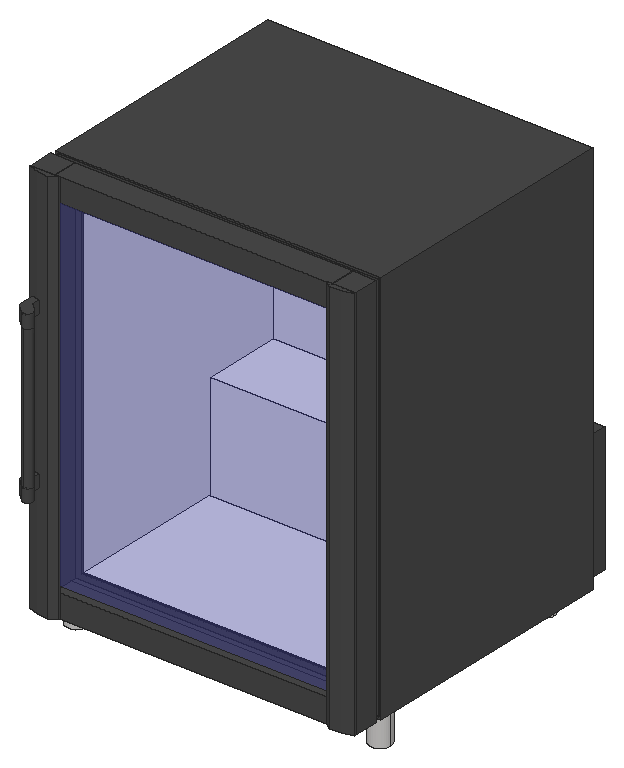
Revit family "QF_Turbo Air_TGF-5SD", category Specialty Equipment, Revit 2012
Parameters (values of type "Black")
  Width = 2' - 1"  # constant formula
  Weight in Pounds = 195  # constant formula
  Watermarked By = "http://revitwatermark.com"
  Volts = 115 V
  URL Cutsheet = ""
  URL = "www.turboairinc.com"
  Status [instance] = ""
  Specification by User [instance] = ""
  Specification by Manufacturer [instance] = ""
  Serial Number [instance] = ""
  Revision Code [instance] = ""
  Phase = 1
  Number of Poles [instance] = 1
  NAFEM Spec ID Number [instance] = ""
  Model = "TGF-5SDB"
  Masterspec [instance] = ""
  Manufacturer = "Turbo Air"  # constant formula
  Item Number [instance] = "-"
  Installed By [instance] = ""
  Height = 2' - 8 3/4"  # constant formula
  HP = "1/3"
  Furnished By [instance] = ""
  Foodservice Equipment Identifier = yes
  FL Amps = 5.5 A
  Electrical Remarks [instance] = ""
  Electric Connection Type [instance] = ""
  Elec Conn RI Height [instance] = 0' - 0"
  Elec Conn Connection Height = 0' - 2 11/16"
  Door Material = QF_Finishes_Black
  Description = "Freezer Merchandiser"
  Depth = 1' - 10 13/16"  # constant formula
  Cycle = 60 Hz
  Conn Plug = "NEMA 5-15P"
  CSI MasterFormat = "11 41 13"
  Body Material = QF_Finishes_Black
  Assembly Code = "E1090320"
  Apparent Power = if(Phase = 3, Volts * FL Amps * 1.73, Volts * FL Amps)  # 632.5 VA
Types (4): name | Model | Door Material | Body Material
  (no name) | "TGF-5SDB" | QF_Finishes_Black | QF_Finishes_Black
  Black | "TGF-5SDB" | QF_Finishes_Black | QF_Finishes_Black
  White | "TGF-5SDW" | QF_Finishes_White | QF_Finishes_White
  White - Wine | "TGF-5SDV" | QF_Finishes_Anodized - Red | QF_Finishes_White
Reference planes (in)
  plane 1 "BACK": y = -1.9375
  plane 2: z = 0
  plane 3 "LEFT": x = -20.72594
  plane 4 "RIGHT": x = 4.27406
  plane 5 "FRONT": y = -29.375
  plane 6 "Back of Box": y = -4.3125
  plane 7 "Front of Door": y = -27.125
  plane 8 "TOP": z = 32.75
  plane 9 "Bottom": z = 2.25
  plane 10 "Top of Back": z = 12.0625
  plane 11 "Front of Box": y = -24.75
Forms (in)
  Extrusion 1, solid, material "QF_Finishes_Black" <- "Body Material"
    sketch origin (0, -4.3125, 0) x (1, 0, 0) y (0, 0, 1)
      loop
        line (-20.72594, 2.25) -> (4.27406, 2.25) -> (4.27406, 32.75) -> (-20.72594, 32.75) -> (-20.72594, 2.25)
      loop
        line (-20.60094, 32.625) -> (-20.60094, 2.375) -> (4.14906, 2.375) -> (4.14906, 32.625) -> (-20.60094, 32.625)
    from 0 to 20.4375
  Extrusion 2, solid, material "QF_Finishes_Black" <- "Body Material"
    sketch origin (0, -4.3125, 0) x (1, 0, 0) y (0, 0, 1)
      loop
        line (-20.60094, 32.625) -> (-20.60094, 2.375) -> (4.14906, 2.375) -> (4.14906, 32.625) -> (-20.60094, 32.625)
    from 0 to 0.125
  Extrusion 3, solid, material "QF_Finishes_Black" <- "Body Material"
    sketch origin (0, -24.75, 0) x (1, 0, 0) y (0, 0, 1)
      loop
        line (-18.72594, 30.75) -> (-18.72594, 4.25) -> (2.27406, 4.25) -> (2.27406, 30.75) -> (-18.72594, 30.75)
      loop
        line (-20.60094, 32.625) -> (-20.60094, 2.375) -> (4.14906, 2.375) -> (4.14906, 32.625) -> (-20.60094, 32.625)
    from 0 to -0.125
  Extrusion 4, solid, material "QF_Finishes_White"
    sketch origin (-20.72594, 0, 0) x (0, 1, 0) y (0, 0, 1)
      loop
        line (-24.625, 2.375) -> (-10.5625, 2.375) -> (-10.5625, 10.5) -> (-4.4375, 10.5) -> (-4.4375, 32.625) -> (-24.625, 32.625) -> (-24.625, 30.75) -> (-6.3125, 30.75) -> (-6.3125, 12.375) -> (-12.4375, 12.375) -> (-12.4375, 4.25) -> (-24.625, 4.25) -> (-24.625, 2.375)
    from 0.125 to 24.875
  Extrusion 5, solid, material "QF_Finishes_White"
    sketch origin (-20.72594, 0, 0) x (0, 1, 0) y (0, 0, 1)
      loop
        line (-24.625, 4.25) -> (-12.4375, 4.25) -> (-12.4375, 12.375) -> (-6.3125, 12.375) -> (-6.3125, 30.75) -> (-24.625, 30.75) -> (-24.625, 4.25)
    from 0.125 to 2
  Extrusion 6, solid, material "QF_Finishes_White"
    sketch origin (4.27406, 0, 0) x (0, 1, 0) y (0, 0, 1)
      loop
        line (-24.625, 4.25) -> (-12.4375, 4.25) -> (-12.4375, 12.375) -> (-6.3125, 12.375) -> (-6.3125, 30.75) -> (-24.625, 30.75) -> (-24.625, 4.25)
    from -0.125 to -2
  Extrusion 7, solid, material "QF_Finishes_Black" <- "Body Material"
    sketch origin (0, 0, 2.25) x (0, 1, 0) y (-1, 0, 0)
      loop
        line (-1.9375, 19.72594) -> (-4.3125, 19.72594) -> (-4.3125, -3.27406) -> (-1.9375, -3.27406) -> (-1.9375, 19.72594)
    from 0 to 9.8125
  Extrusion 8, solid, material "QF_Finishes_Black"
    sketch origin (0, -24.75, 0) x (1, 0, 0) y (0, 0, 1)
      loop
        line (-19.41344, 31.4375) -> (-19.41344, 3.5625) -> (2.96156, 3.5625) -> (2.96156, 31.4375) -> (-19.41344, 31.4375)
      loop
        line (-19.53844, 31.5625) -> (-19.53844, 3.4375) -> (3.08656, 3.4375) -> (3.08656, 31.5625) -> (-19.53844, 31.5625)
    from 0 to 0.4375
  Extrusion 9, solid, material "QF_Finishes_Stainless Steel"
    sketch origin (0, 0, 0) x (1, 0, 0) y (0, 1, 0)
      loop
        circle (-19.91344, -23.75) r 0.8125
      loop
        circle (3.46156, -23.75) r 0.8125
      loop
        circle (-17.60094, -5.125) r 0.8125
      loop
        circle (1.14906, -5.125) r 0.8125
    from 0 to 2.25
  Extrusion 10, solid, material "QF_Finishes_Black" <- "Body Material"
    sketch origin (0, -1.9375, 0) x (1, 0, 0) y (0, 0, 1)
      loop
        circle (1.27406, 2.6875) r 0.25
    from 0 to -0.0625
Lines and regions (in)
  symbolic lines
    curve 1: line (-20.72594, -4.3125, 0) -> (4.27406, -4.3125, 0)
    curve 2: line (-20.72594, -24.75, 0) -> (-20.72594, -4.3125, 0)
    curve 3: line (4.27406, -24.75, 0) -> (-20.72594, -24.75, 0)
    curve 4: line (4.27406, -4.3125, 0) -> (4.27406, -24.75, 0)
    curve 5: line (-19.72594, -4.3125, 0) -> (-19.72594, -1.9375, 0)
    curve 6: line (-19.72594, -1.9375, 0) -> (3.27406, -1.9375, 0)
    curve 7: line (3.27406, -1.9375, 0) -> (3.27406, -4.3125, 0)
    curve 8: line (-19.53844, -24.75, 0) -> (-19.53844, -25.1875, 0)
    curve 9: line (3.08656, -25.1875, 0) -> (3.08656, -24.75, 0)
  symbolic lines, style "QF_Clearances", detail levels coarse
    curve 10: line (4.27406, -52.125, 0) -> (4.27406, -27.125, 0)
    curve 11: arc (-20.72594, -27.125, 0) -> (-13.40361, -44.80267, 0) -> (4.27406, -52.125, 0) r 25
Dimensions and locks (in)
  "Width": plane 4 "RIGHT" to plane 3 "LEFT"
  locked: plane 6 "Back of Box" to plane 1 "BACK" at 2.375
  "Depth": plane 7 "Front of Door" to plane 6 "Back of Box"
  locked: plane 5 "FRONT" to plane 7 "Front of Door" at 2.25
  locked: plane 9 "Bottom" to level at 2.25
  "Height": plane 8 "TOP" to level
  locked: plane 10 "Top of Back" to plane 9 "Bottom" at 9.8125
  locked: plane 7 "Front of Door" to plane 11 "Front of Box" at 2.375
  locked: plane 8 "TOP" to Extrusion 1 sketch curve at 0.125
  locked: Extrusion 1 sketch curve to plane 3 "LEFT" at 0.125
  locked: Extrusion 1 sketch curve to plane 9 "Bottom" at 0.125
  locked: Extrusion 1 sketch curve to plane 4 "RIGHT" at 0.125
  locked: Extrusion 3 sketch curve to plane 3 "LEFT" at 2
  locked: plane 8 "TOP" to Extrusion 3 sketch curve at 2
  locked: Extrusion 3 sketch curve to plane 4 "RIGHT" at 2
  locked: Extrusion 3 sketch curve to plane 9 "Bottom" at 2
  locked: plane 11 "Front of Box" to Extrusion 4 sketch curve at 0.125  (x2)
  locked: Extrusion 4 sketch curve to plane 6 "Back of Box" at 0.125
  locked: Extrusion 4 sketch curve to plane 8 "TOP" at 0.125
  locked: plane 9 "Bottom" to Extrusion 4 sketch curve at 0.125
  locked: Extrusion 4 sketch curve to Extrusion 4 sketch curve at 1.875  (x5)
  locked: Extrusion 4 sketch curve to plane 9 "Bottom" at 8.25
  locked: Extrusion 4 sketch curve to plane 6 "Back of Box" at 6.25
  locked: plane 11 "Front of Box" to Extrusion 5 sketch curve at 0.125
  locked: plane 8 "TOP" to Extrusion 5 sketch curve at 2
  locked: Extrusion 5 sketch curve to plane 6 "Back of Box" at 2
  locked: plane 9 "Bottom" to Extrusion 5 sketch curve at 10.125
  locked: Extrusion 5 sketch curve to plane 6 "Back of Box" at 8.125
  locked: plane 9 "Bottom" to Extrusion 5 sketch curve at 2
  locked: plane 8 "TOP" to Extrusion 6 sketch curve at 2
  locked: plane 9 "Bottom" to Extrusion 6 sketch curve at 2
  locked: Extrusion 6 sketch curve to plane 6 "Back of Box" at 8.125
  locked: plane 9 "Bottom" to Extrusion 6 sketch curve at 10.125
  locked: Extrusion 6 sketch curve to plane 6 "Back of Box" at 2
  locked: plane 11 "Front of Box" to Extrusion 6 sketch curve at 0.125
  locked: plane 3 "LEFT" to Extrusion 7 sketch curve at 1
  locked: Extrusion 7 sketch curve to plane 4 "RIGHT" at 1
  locked: Extrusion 8 sketch curve to Extrusion 8 sketch curve at 0.125  (x4)
  locked: Extrusion 8 sketch curve to plane 9 "Bottom" at 1.1875
  locked: Extrusion 8 sketch curve to plane 3 "LEFT" at 1.1875
  locked: plane 8 "TOP" to Extrusion 8 sketch curve at 1.1875
  locked: Extrusion 8 sketch curve to plane 4 "RIGHT" at 1.1875
  locked: Extrusion 10 sketch curve to plane 9 "Bottom" at 0.4375
  locked: plane 4 "RIGHT" to Extrusion 10 sketch curve at 3
  aligned and locked: level to plane 2
  aligned and locked: plane 9 "Bottom" to Extrusion 1 sketch curve
  aligned and locked: Extrusion 1 sketch curve to plane 4 "RIGHT"
  aligned and locked: plane 3 "LEFT" to Extrusion 1 sketch curve
  aligned and locked: Extrusion 1 sketch curve to plane 8 "TOP"
  aligned and locked: plane 11 "Front of Box" to Extrusion 1
  aligned and locked: Extrusion 2 sketch curve to Extrusion 1  (x4)
  aligned and locked: Extrusion 3 sketch curve to Extrusion 1  (x4)
  aligned and locked: Extrusion 4 to Extrusion 1  (x2)
  aligned and locked: Extrusion 5 to Extrusion 1
  aligned and locked: Extrusion 1 to Extrusion 6
  aligned and locked: Extrusion 7 sketch curve to plane 6 "Back of Box"
  aligned and locked: plane 1 "BACK" to Extrusion 7 sketch curve
  aligned and locked: plane 10 "Top of Back" to Extrusion 7
  aligned and locked: plane 3 "LEFT" to nested 1
  aligned and locked: plane 4 "RIGHT" to nested 1
  aligned and locked: plane 7 "Front of Door" to nested 1
  aligned and locked: nested 1 to plane 9 "Bottom"
  aligned and locked: plane 9 "Bottom" to Extrusion 9
  aligned and locked: plane 6 "Back of Box" to curve 1
  aligned and locked: plane 3 "LEFT" to curve 2
  aligned and locked: curve 3 to plane 11 "Front of Box"
  aligned and locked: curve 4 to plane 4 "RIGHT"
  aligned and locked: plane 1 "BACK" to curve 6
  aligned and locked: curve 5 to Extrusion 7
  aligned and locked: curve 7 to Extrusion 7
  aligned and locked: curve 8 to Extrusion 8
  aligned and locked: curve 9 to Extrusion 8
Automatic sketch dimensions
  plane 6 "Back of Box" to Extrusion 9 sketch curve = 0' - 0 13/16"  (x2)
  plane 3 "LEFT" to Extrusion 9 sketch curve = 0' - 3 1/8"
  plane 3 "LEFT" to Extrusion 9 sketch curve = 0' - 0 13/16"
  Extrusion 9 sketch curve to plane 4 "RIGHT" = 0' - 3 1/8"
  Extrusion 9 sketch curve to plane 4 "RIGHT" = 0' - 0 13/16"
  Extrusion 9 sketch curve to plane 11 "Front of Box" = 0' - 1"  (x2)
  curve 11 to plane 3 "LEFT" = 0' - 0"
  curve 10 to plane 4 "RIGHT" = 0' - 0"
  plane 7 "Front of Door" to curve 11 = 0' - 0"
  plane 7 "Front of Door" to curve 10 = 0' - 0"
  plane 11 "Front of Box" to curve 9 = 0' - 0 7/16"
  plane 11 "Front of Box" to curve 8 = 0' - 0 7/16"
  radius of Extrusion 9 sketch curve = 0' - 0 13/16"  (x4)
  radius of Extrusion 10 sketch curve = 0' - 0 1/4"
Nested families (in)
  nested 1: "QF_Turbo Air_RI_Merch-Door" at (-5.54927, -25.1875, 2.25), Handle Material <- "Door Material", Door Frame Top Material <- "Door Material", Door Frame Sides Material <- "Door Material", Door Frame Bottom Material <- "Door Material", type "QF_Turbo Air_RI_Merch-Door"
    with Width 2' - 1", Symbolic Lines yes, Height 2' - 6 1/2", Handle Material QF_Finishes_Black, Door Frame Top Material QF_Finishes_Black, Door Frame Sides Material QF_Finishes_Black, Door Frame Bottom Material QF_Finishes_Black, Depth 0' - 1 15/16", CL Handle Height 1' - 3 3/16"
Connectors (in)
  electrical at (1.27406, -1.875, 2.6875), driven by "Number of Poles", driven by "Volts", driven by "Apparent Power"
    settings: on Extrusion 10, index 1, voltage 115 V, apparent load 632.5 VA, apparent load phase1 0 VA, apparent load phase2 0 VA, apparent load phase3 0 VA, power factor 1, load classification "Other", number of poles 1, system type 30, power factor state 1, is connector primary yes, connector utility no, sub classification motor no, connector description "Electric"
Definition of nested family "QF_Turbo Air_RI_Merch-Door"
  Parameters (values of type "QF_Turbo Air_RI_Merch-Door")
    Width [instance] = 2' - 1"
    Watermarked By = "http://revitwatermark.com"
    Symbolic Lines [instance] = yes
    Manufacturer = "Turbo Air"  # constant formula
    Height [instance] = 2' - 6 1/2"
    Handle Material [instance] = QF_Finishes_Stainless Steel
    Door Frame Top Material [instance] = QF_Finishes_Stainless Steel
    Door Frame Sides Material [instance] = QF_Finishes_Stainless Steel
    Door Frame Bottom Material [instance] = QF_Finishes_Stainless Steel
    Depth [instance] = 0' - 1 15/16"
    CL Handle Height [instance] = 1' - 3 3/16"
  Reference planes (in)
    plane 1 "BACK": y = 0
    plane 2: z = 0
    plane 3 "LEFT": x = -15.17667
    plane 4: x = 9.82333
    plane 5 "FRONT": y = -1.9375
    plane 6: z = 30.5
    plane 7 "Top of Handle": z = 21.6875
    plane 8 "Bottom of Handle": z = 8.6875
    plane 9 "Center of Handle": z = 15.1875
    plane 10: x = -13.36417
    plane 11: x = 8.01083
    plane 12: z = 28.6875
    plane 13: z = 1.8125
    plane 14: z = 20.6875
    plane 15: z = 9.6875
  Forms (in)
    Extrusion 1, solid, material "QF_Finishes_Stainless Steel" <- "Door Frame Sides Material"
      sketch origin (0, 0, 0) x (1, 0, 0) y (0, 0, 1)
        loop
          line (-15.17667, 30.5) -> (-15.17667, 0) -> (-13.36417, 0) -> (-13.36417, 30.5) -> (-15.17667, 30.5)
        loop
          line (9.82333, 0) -> (9.82333, 30.5) -> (8.01083, 30.5) -> (8.01083, 0) -> (9.82333, 0)
      from 0 to 1.9375
    Extrusion 2, solid, material "QF_Finishes_Glass"
      sketch origin (0, 0, 0) x (1, 0, 0) y (0, 0, 1)
        loop
          line (-13.36417, 28.6875) -> (-13.36417, 1.8125) -> (8.01083, 1.8125) -> (8.01083, 28.6875) -> (-13.36417, 28.6875)
      from 0.5 to 1.4375
    Extrusion 3, solid, material "QF_Finishes_Stainless Steel" <- "Handle Material"
      sketch origin (0, 0, 8.6875) x (0, 1, 0) y (-1, 0, 0)
        loop
          circle (-3.8125, 13.92667) r 0.375
      from 1 to 12
    Extrusion 4, solid, material "QF_Finishes_Stainless Steel" <- "Handle Material"
      sketch origin (0, 0, 8.6875) x (0, 1, 0) y (-1, 0, 0)
        loop
          line (-1.9375, 14.86417) -> (-3.25, 14.86417)
          arc (-3.25, 14.86417) -> (-3.39351, 14.83562) -> (-3.51517, 14.75433) r 0.375
          line (-3.51517, 14.75433) -> (-4.07767, 14.19183)
          arc (-4.07767, 14.19183) -> (-4.07767, 13.6615) -> (-3.54733, 13.6615) r 0.375
          line (-3.54733, 13.6615) -> (-2.90717, 14.30167) -> (-1.9375, 14.30167) -> (-1.9375, 14.86417)
      from 0 to 1
    Extrusion 5, solid, material "QF_Finishes_Stainless Steel" <- "Handle Material"
      sketch origin (0, 0, 21.6875) x (0, 1, 0) y (-1, 0, 0)
        loop
          line (-1.9375, 14.86417) -> (-3.25, 14.86417)
          arc (-3.25, 14.86417) -> (-3.39351, 14.83562) -> (-3.51517, 14.75433) r 0.375
          line (-3.51517, 14.75433) -> (-4.07767, 14.19183)
          arc (-4.07767, 14.19183) -> (-4.07767, 13.6615) -> (-3.54733, 13.6615) r 0.375
          line (-3.54733, 13.6615) -> (-2.90717, 14.30167) -> (-1.9375, 14.30167) -> (-1.9375, 14.86417)
      from 0 to -1
    Extrusion 6, solid, material "QF_Finishes_Stainless Steel" <- "Door Frame Top Material"
      sketch origin (0, 0, 0) x (1, 0, 0) y (0, 0, 1)
        loop
          line (-13.36417, 30.5) -> (-13.36417, 28.6875) -> (8.01083, 28.6875) -> (8.01083, 30.5) -> (-13.36417, 30.5)
      from 0 to 1.9375
    Extrusion 7, solid, material "QF_Finishes_Stainless Steel" <- "Door Frame Bottom Material"
      sketch origin (0, 0, 0) x (1, 0, 0) y (0, 0, 1)
        loop
          line (-13.36417, 1.8125) -> (-13.36417, 0) -> (8.01083, 0) -> (8.01083, 1.8125) -> (-13.36417, 1.8125)
      from 0 to 1.9375
    Extrusion 8, solid, material "QF_Finishes_Stainless Steel" <- "Door Frame Sides Material"
      sketch origin (0, 0, 0) x (1, 0, 0) y (0, 1, 0)
        loop
          line (-15.17667, -1.9375) -> (-15.17667, -2.0625)
          arc (-15.17667, -2.0625) -> (-14.37599, -2.28021) -> (-13.55167, -2.375) r 5.5
          line (-13.55167, -2.375) -> (-12.98917, -2) -> (-12.98917, -1.9375) -> (-15.17667, -1.9375)
      from 0 to 30.5
    Extrusion 9, solid, material "QF_Finishes_Stainless Steel" <- "Door Frame Sides Material"
      sketch origin (25, 0, 0) x (1, 0, 0) y (0, 1, 0)
        loop
          line (-15.17667, -1.9375) -> (-17.36417, -1.9375) -> (-17.36417, -2) -> (-16.80167, -2.375)
          arc (-16.80167, -2.375) -> (-15.97735, -2.28021) -> (-15.17667, -2.0625) r 5.5
          line (-15.17667, -2.0625) -> (-15.17667, -1.9375)
      from 0 to 30.5
  Lines and regions (in)
    symbolic lines, visible <- "Symbolic Lines"
      curve 1: line (-15.17667, 0, 8.6875) -> (9.82333, 0, 8.6875)
      curve 2: line (-15.17667, -1.9375, 8.6875) -> (-15.17667, 0, 8.6875)
      curve 3: line (9.82333, -1.9375, 8.6875) -> (-15.17667, -1.9375, 8.6875)
      curve 4: line (9.82333, 0, 8.6875) -> (9.82333, -1.9375, 8.6875)
      curve 11: line (-15.17667, -1.9375, 0) -> (-15.17667, -2.0625, 0)
      curve 12: arc (-15.17667, -2.0625, 0) -> (-14.37599, -2.28021, 0) -> (-13.55167, -2.375, 0) r 5.5
      curve 13: line (-13.55167, -2.375, 0) -> (-12.98917, -2, 0)
      curve 14: line (-12.98917, -2, 0) -> (-12.98917, -1.9375, 0)
      curve 15: line (7.63583, -1.9375, 0) -> (7.63583, -2, 0)
      curve 16: line (7.63583, -2, 0) -> (8.19833, -2.375, 0)
      curve 17: arc (8.19833, -2.375, 0) -> (9.02265, -2.28021, 0) -> (9.82333, -2.0625, 0) r 5.5
      curve 18: line (9.82333, -2.0625, 0) -> (9.82333, -1.9375, 0)
    symbolic lines
      curve 5: line (-14.86417, -2.163, 8.6875) -> (-14.86417, -3.25, 8.6875)
      curve 6: arc (-14.86417, -3.25, 8.6875) -> (-14.83562, -3.39351, 8.6875) -> (-14.75433, -3.51517, 8.6875) r 0.375
      curve 7: line (-14.75433, -3.51517, 8.6875) -> (-14.19183, -4.07767, 8.6875)
      curve 8: arc (-14.19183, -4.07767, 8.6875) -> (-13.6615, -4.07767, 8.6875) -> (-13.6615, -3.54733, 8.6875) r 0.375
      curve 9: line (-13.6615, -3.54733, 8.6875) -> (-14.30167, -2.90717, 8.6875)
      curve 10: line (-14.30167, -2.90717, 8.6875) -> (-14.30167, -2.29398, 8.6875)
  Dimensions and locks (in)
    "Width": plane 4 to plane 3 "LEFT"
    "Depth": plane 5 "FRONT" to plane 1 "BACK"
    "Height": plane 6 to plane 2
    locked: plane 7 "Top of Handle" to plane 8 "Bottom of Handle" at 13
    equal spacing: plane 7 "Top of Handle", plane 9 "Center of Handle", plane 8 "Bottom of Handle"
    locked: plane 13 to level at 1.8125
    locked: plane 6 to plane 12 at 1.8125
    locked: plane 3 "LEFT" to plane 10 at 1.8125
    locked: plane 11 to plane 4 at 1.8125
    locked: plane 1 "BACK" to Extrusion 2 at 0.5
    locked: Extrusion 2 to plane 5 "FRONT" at 0.5
    "CL Handle Height": plane 9 "Center of Handle" to level
    locked: plane 7 "Top of Handle" to plane 14 at 1
    locked: plane 15 to plane 8 "Bottom of Handle" at 1
    locked: plane 3 "LEFT" to Extrusion 3 sketch curve at 1.25
    locked: Extrusion 3 sketch curve to plane 5 "FRONT" at 1.875
    locked: Extrusion 4 sketch curve to Extrusion 4 sketch curve at 0.5625
    locked: plane 3 "LEFT" to Extrusion 4 sketch curve at 0.3125
    locked: Extrusion 4 sketch curve to plane 5 "FRONT" at 1.3125
    locked: Extrusion 4 sketch curve to plane 5 "FRONT" at 0.96967
    locked: Extrusion 4 sketch curve to plane 5 "FRONT" at 1.57767
    locked: plane 3 "LEFT" to Extrusion 4 sketch curve at 0.42233
    locked: Extrusion 5 sketch curve to Extrusion 5 sketch curve at 0.5625
    locked: plane 3 "LEFT" to Extrusion 8 sketch curve at 2.1875
    locked: Extrusion 8 sketch curve to plane 5 "FRONT" at 0.125
    locked: Extrusion 8 sketch curve to plane 5 "FRONT" at 0.0625
    locked: plane 3 "LEFT" to Extrusion 8 sketch curve at 1.625
    locked: Extrusion 8 sketch curve to plane 5 "FRONT" at 0.4375
    locked: Extrusion 9 sketch curve to plane 4 at 2.1875
    locked: Extrusion 9 sketch curve to plane 4 at 1.625
    locked: Extrusion 9 sketch curve to plane 5 "FRONT" at 0.0625
    locked: Extrusion 9 sketch curve to plane 5 "FRONT" at 0.4375
    locked: Extrusion 9 sketch curve to plane 5 "FRONT" at 0.125
    aligned and locked: level to plane 2
    aligned and locked: Extrusion 1 sketch curve to plane 6
    aligned and locked: plane 3 "LEFT" to Extrusion 1 sketch curve
    aligned and locked: level to Extrusion 1 sketch curve
    aligned and locked: Extrusion 1 sketch curve to plane 4
    aligned and locked: plane 5 "FRONT" to Extrusion 1
    aligned and locked: plane 10 to Extrusion 1 sketch curve
    aligned and locked: Extrusion 1 sketch curve to plane 11
    aligned and locked: Extrusion 2 sketch curve to plane 12
    aligned and locked: plane 10 to Extrusion 2 sketch curve
    aligned and locked: Extrusion 2 sketch curve to plane 11
    aligned and locked: plane 13 to Extrusion 2 sketch curve
    aligned and locked: plane 3 "LEFT" to curve 2
    aligned and locked: plane 1 "BACK" to curve 1
    aligned and locked: curve 4 to plane 4
    aligned and locked: curve 3 to plane 5 "FRONT"
    aligned and locked: Extrusion 3 to plane 15
    aligned and locked: plane 14 to Extrusion 3
    aligned and locked: Extrusion 4 sketch curve to Extrusion 3
    aligned and locked: plane 5 "FRONT" to Extrusion 4 sketch curve
    aligned and locked: plane 15 to Extrusion 4
    aligned and locked: Extrusion 5 to plane 14
    aligned and locked: Extrusion 5 to curve 5
    aligned and locked: curve 6 to Extrusion 5
    aligned and locked: curve 8 to Extrusion 5
    aligned and locked: curve 10 to Extrusion 5
    aligned and locked: Extrusion 6 sketch curve to plane 6
    aligned and locked: plane 12 to Extrusion 6 sketch curve
    aligned and locked: Extrusion 6 sketch curve to plane 11
    aligned and locked: plane 10 to Extrusion 6 sketch curve
    aligned and locked: plane 5 "FRONT" to Extrusion 6
    aligned and locked: Extrusion 7 sketch curve to plane 13
    aligned and locked: level to Extrusion 7 sketch curve
    aligned and locked: Extrusion 7 sketch curve to plane 11
    aligned and locked: plane 10 to Extrusion 7 sketch curve
    aligned and locked: plane 5 "FRONT" to Extrusion 7
    aligned and locked: plane 5 "FRONT" to Extrusion 8 sketch curve
    aligned and locked: Extrusion 8 sketch curve to plane 3 "LEFT"
    aligned and locked: plane 6 to Extrusion 8
    aligned and locked: Extrusion 9 sketch curve to plane 5 "FRONT"
    aligned and locked: Extrusion 9 sketch curve to plane 4
    aligned and locked: plane 6 to Extrusion 9
    aligned and locked: curve 11 to Extrusion 8
    aligned and locked: curve 12 to Extrusion 8
    aligned and locked: curve 13 to Extrusion 8
    aligned and locked: curve 14 to Extrusion 8
    aligned and locked: curve 15 to Extrusion 9
    aligned and locked: curve 16 to Extrusion 9
    aligned and locked: curve 17 to Extrusion 9
    aligned and locked: curve 18 to Extrusion 9
  Automatic sketch dimensions
    plane 10 to Extrusion 8 sketch curve = 0' - 0.02684"
    Extrusion 1 sketch curve to level = 0' - 0"
    Extrusion 1 sketch curve to plane 6 = 0' - 0"
    Extrusion 4 sketch curve to Extrusion 4 sketch curve = 0' - 0.26517"
    Extrusion 4 sketch curve to plane 10 = 0' - 0.29733"
    plane 5 "FRONT" to Extrusion 5 sketch curve = 0' - 0"
    plane 5 "FRONT" to Extrusion 5 sketch curve = 0' - 0.96967"
    plane 3 "LEFT" to Extrusion 5 sketch curve = 0' - 0 5/16"
    Extrusion 5 sketch curve to Extrusion 5 sketch curve = 0' - 0.34283"
    plane 3 "LEFT" to Extrusion 5 sketch curve = 0' - 0.42233"
    Extrusion 5 sketch curve to Extrusion 5 sketch curve = 0' - 0.26517"  (x4)
    Extrusion 5 sketch curve to plane 10 = 0' - 0.29733"
    Extrusion 5 sketch curve to Extrusion 5 sketch curve = 0' - 0.29733"
    Extrusion 9 sketch curve to plane 11 = 0' - 0.02684"
    plane 5 "FRONT" to curve 11 = 0' - 0"
    plane 5 "FRONT" to curve 14 = 0' - 0"
    plane 5 "FRONT" to curve 15 = 0' - 0"
    plane 5 "FRONT" to curve 18 = 0' - 0"
    curve 7 to plane 10 = 0' - 0.82767"
    curve 8 to plane 10 = 0' - 0.29733"
    plane 3 "LEFT" to curve 7 = 0' - 0.42233"
    curve 6 to curve 10 = 0' - 0.34283"
    plane 5 "FRONT" to curve 10 = 0' - 0.35648"
    plane 5 "FRONT" to curve 5 = 0' - 0.2255"
    radius of Extrusion 3 sketch curve = 0' - 0 3/8"
